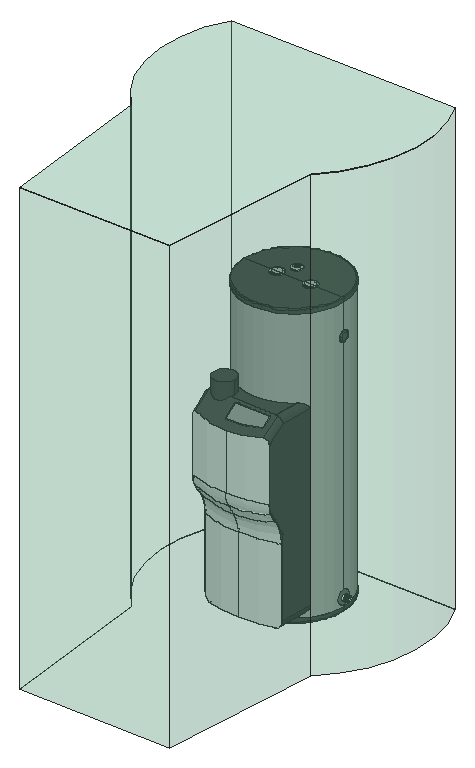
Revit family "Innovo FR_IR 32 245 FR NAT", category Mechanical Equipment, Revit 2015
Parameters (values of type "IR-32-245 FR NAT")
  largeur d'emballage = 786 mm  # constant formula
  l'Intervalle d'Entretien = "12 mois"  # constant formula
  Workspace Radius = Diameter + 170 mm  # 780 mm
  Workspace Height = Hauteur + 1000 mm  # 2745 mm
  Workspace Front Distance = 1000 mm
  Workspace [instance] = yes
  Valve Height 02 = if(and(Hauteur = 1745 mm, Diameter = 675 mm), 1518 mm, if(and(Hauteur = 1745 mm, Diameter = 610 mm), 1534 mm, if(Hauteur = 1545 mm, 1328 mm, 1070 mm)))  # 1534 mm
  Valve Height 01 = if(and(Diameter > 560 mm), 693 mm, 604 mm)  # 693 mm
  Valeur Maximale du Thermostat de Régulation = 85 °C  # constant formula
  Valeur Manimale du Thermostat de Régulation = 40 °C  # constant formula
  Valeur Défaut du Thermostat de Régulation = 65 °C  # constant formula
  URL = "www.aosmith.fr"
  Type d'Installation = "B23/C13/C33/C43/C53/C63"  # constant formula
  Type d'emballage = "Carton et bois"  # constant formula
  Tension d'Alimentation (-15%, +10%) = 230 V  # constant formula
  Température Maximale des Fumées = 57 °C
  Temps de réchauffement à ΔT = 70°C = "49"
  Temps de réchauffement à ΔT = 55°C = "39"
  Temps de réchauffement à ΔT = 50°C = "35"
  Temps de réchauffement à ΔT = 44°C = "31"
  Temps de réchauffement à ΔT = 28°C = "20"
  Spécifications du Produit = ""
  Réglages du thermostat du chauffe-eau = 65 °C  # constant formula
  Réglage Standard Pour = "G31"
  Rendement Saisonnier (Hs) = [Rendement (Hs, acc. NEN-EN 89 - 1999)]  # 97
  Rendement (Hs, acc. NEN-EN 89 - 1999) = 97
  Rendement (Hi, acc. NEN-EN 89 - 1999) = 108
  Raccord Évacuation de la Condensation = 40 mm  # constant formula
  Raccord de la Soupape de Vidange = 1"
  Raccord de Sortie d'Eau Chaude = 1"
  Raccord de Gaz = 15"  # constant formula
  Raccord d'Alimentation en Eau Froide = 3/4"  # constant formula
  Raccord Robinet de Vidange = 3/4"  # constant formula
  Puissance Électrique Absorbée (sommet) = 105 W
  Puissance Électrique Absorbée (nominal) = 51 W
  Profondeur d'emballage = 946 mm  # constant formula
  Profondeur = 780 mm  # constant formula
  Profils de soutirage déclaré = "XXL"
  Production Nominale = "23300.0"
  Pression de Fonctionnement Maximale = 800000.0 Pa  # constant formula
  Pression Différentielle d'Ouverture de l'Interrupteur de Pression < = 210.0 Pa
  Pression Amont de Gaz = "3700 Pa"
  Precaustions during assembling, installation or maintenance = "voir Manuel d'installation, d'emploi er d'entretien"  # constant formula
  Poids à vide = 136 kg
  Poids de Transport = 153 kg
  Phase = 1
  Pertes en Veille - tous les jours (24h) = 0 W
  Pertes en Veille = 0 W
  Nombre de modèle du produit (EAN) = "8717449286224"
  Niveau du Son dB (A) = "<45"  # constant formula
  Niveau de puissance acoustique à l'intérieur = "53 dB"
  NOx-émissions mg/kWh = "33"
  NOx-émissions (ven air, 0% O2) ppm = "20"
  Modèdele = "IR-24-285"
  Model = "IR-24-285 FR LP"
  Marque commerciale = "A.O. Smith"  # constant formula
  Manufacturer = "A.O. Smith Water Products Company b.v."  # constant formula
  Largeur = Diameter  # 610 mm
  La commande intelligente = no
  L'efficacité énergétique pour le chauffage de l'eau (2) = "-"
  L'efficacité énergétique pour le chauffage de l'eau (1) = "91%"
  Hauteur du Raccordement au Gaz = 920 mm
  Hauteur de la Sortie d'eau Chaude = 1745 mm
  Hauteur de l'Alimentation en eau Froide = 170 mm
  Hauteur d'emballage = 1895 mm
  Hauteur Conduit d'Évacuation des Fumées = 1350 mm
  Hauteur Conduit d'Alimentation en Air = 1350 mm
  Hauteur = 1745 mm
  Guide de Produit = ""
  Garantie sur la Cuve = "36 mois"  # constant formula
  Garantie Pièces = "12 mois"  # constant formula
  Fréquence secteur = 50 Hz  # constant formula
  Forctionner qu'en heures creuses = no
  Fabricant No. = "E 7110"  # constant formula
  Epaisseur d'Isolation = 44 mm
  Débit de vidage à ΔT = 70°C après 90 min. = 630.0 L
  Débit de vidage à ΔT = 70°C après 60 min. = 490.0 L
  Débit de vidage à ΔT = 70°C après 30 min. = 340.0 L
  Débit de vidage à ΔT = 70°C après 120 min. = 780.0 L
  Débit de vidage à ΔT = 55°C après 90 min. = 830.0 L
  Débit de vidage à ΔT = 55°C après 60 min. = 650.0 L
  Débit de vidage à ΔT = 55°C après 30 min. = 460.0 L
  Débit de vidage à ΔT = 55°C après 120 min. = 1100.0 L
  Débit de vidage à ΔT = 50°C après 90 min. = 920.0 L
  Débit de vidage à ΔT = 50°C après 60 min. = 720.0 L
  Débit de vidage à ΔT = 50°C après 30 min. = 510.0 L
  Débit de vidage à ΔT = 50°C après 120 min. = 1200.0 L
  Débit de vidage à ΔT = 44°C après 90 min. = 1100.0 L
  Débit de vidage à ΔT = 44°C après 60 min. = 820.0 L
  Débit de vidage à ΔT = 44°C après 30 min. = 590.0 L
  Débit de vidage à ΔT = 44°C après 120 min. = 1300.0 L
  Débit de vidage à ΔT = 28°C après 90 min. = 1700.0 L
  Débit de vidage à ΔT = 28°C après 60 min. = 1400.0 L
  Débit de vidage à ΔT = 28°C après 30 min. = 960.0 L
  Débit de vidage à ΔT = 28°C après 120 min. = 2100.0 L
  Débit de vidage en Continu à ΔT = 70°C = 290.0 L/s
  Débit de vidage en Continu à ΔT = 55°C = 370.0 L/s
  Débit de vidage en Continu à ΔT = 50°C = 410.0 L/s
  Débit de vidage en Continu à ΔT = 44°C = 460.0 L/s
  Débit de vidage en Continu à ΔT = 28°C = 740.0 L/s
  Diamètre Cheminée - Système Parallèle = "2x80"  # constant formula
  Diamètre Cheminée - Système Concentrique = "80/125 mm/mm"  # constant formula
  Diamètre Cheminée - Boiler = "80/125 mm/mm"  # constant formula
  Diameter = 610 mm
  Destination / Country = "France"  # constant formula
  Description = "Préparateur ECS Solaire en Combinaison avec Réservoir de Stockage"  # constant formula
  D'autres profils de soutirage = "-"
  Created By = "http://www.cadcompany.nl/"
  Consommation de Gaz - Volume ltr/hr = "a/p"
  Consommation de Gaz - Masse kg/h = "1.70"
  Class d'efficacité énergétique (2) = "-"
  Class d'efficacité énergétique (1) = "A"  # constant formula
  Charge Nominale (Valeur Supérieure) = "23900.0"
  Charge Nominale (Valeur Inférieure) = "22000.0"
  Charge Maximale au Sol = 438 kg
  Catégorie de Gaz = "II2Esi3P"  # constant formula
  Capacité = 285.0 L
  CO2 Émissions (tol. +/- 1.0) vol% = "10"
  CE-PIN = "0063CQ3037"  # constant formula
  BIM Content Developer = "CAD & Company"  # constant formula
  Assembly Code = "D3010"
  Annual fuel consumption (2) = "-"
  Annual fuel consumption (1) = "21 GJ GCV"
  Annual electricity consumption (2) = "-"
  Annual electricity consumption (1) = "45 kWh"
  2ème Entretien (Entretien Général) = "12 mois après l'installation"  # constant formula
  1er Entretien (check-up) = "3 mois après l'installation"  # constant formula
Reference planes
  plane 1 "Center (Front/Back)": y = 0
  plane 2: z = 0
  plane 3 "Center (Left/Right)": x = 0
  plane 4 "Pipe": through (-383.901, 912.349, 194.799) normal (-0.0879, -0.0879, 0.9923)
  plane 5 "footing": y = 118.925
  plane 6 "footing front": y = -237.85
  plane 7: x = -305
  plane 8: x = 305
  plane 9: z = 1745
Forms (mm)
  Revolve 1, solid, material "RAL 9005", detail levels medium+fine
    sketch origin (0, -237.85, 0) x (-1, 0, 0) y (0, 0, 1)
      loop
        line (0, 28.9) -> (-15, 28.9) -> (-15, 26.4) -> (-8.671, 26.4) -> (-8.671, 18) -> (-5.686, 18) -> (-6.626, 17.06) -> (-6.626, 12.06) -> (-8.671, 12.06) -> (-8.671, 10) -> (-10.031, 10) -> (-23.271, 5.181)
        arc (-23.271, 5.181) -> (-23.763, 4.836) -> (-24.017, 4.293) r 1.159
        line (-24.017, 4.293) -> (-24.017, 1.03)
        arc (-24.017, 1.03) -> (-23.715, 0.302) -> (-22.986, 0) r 1.03
        line (-22.986, 0) -> (0, 0) -> (0, 28.9)
      axis (0, 28.9) -> (0, 0)
    angle from 0 to 360
  Revolve 2, solid, material "RAL 9005", detail levels medium+fine
    sketch origin (0, 118.925, 0) x (-1, 0, 0) y (0, 0, 1)
      loop
        line (-205.984, 28.9) -> (-220.984, 28.9) -> (-220.984, 26.4) -> (-214.655, 26.4) -> (-214.655, 18) -> (-211.67, 18) -> (-212.61, 17.06) -> (-212.61, 12.06) -> (-214.655, 12.06) -> (-214.655, 10) -> (-216.015, 10) -> (-229.256, 5.181)
        arc (-229.256, 5.181) -> (-229.747, 4.836) -> (-230.001, 4.293) r 1.159
        line (-230.001, 4.293) -> (-230.001, 1.03)
        arc (-230.001, 1.03) -> (-229.699, 0.302) -> (-228.971, 0) r 1.03
        line (-228.971, 0) -> (-205.984, 0) -> (-205.984, 28.9)
      axis (-205.984, 28.9) -> (-205.984, 0)
    angle from 0 to 360
  Revolve 3, solid, material "RAL 9005", detail levels medium+fine
    sketch origin (0, 118.925, 0) x (-1, 0, 0) y (0, 0, 1)
      loop
        line (204.016, 28.9) -> (189.016, 28.9) -> (189.016, 26.4) -> (195.345, 26.4) -> (195.345, 18) -> (198.33, 18) -> (197.39, 17.06) -> (197.39, 12.06) -> (195.345, 12.06) -> (195.345, 10) -> (193.985, 10) -> (180.744, 5.181)
        arc (180.744, 5.181) -> (180.253, 4.836) -> (179.999, 4.293) r 1.159
        line (179.999, 4.293) -> (179.999, 1.03)
        arc (179.999, 1.03) -> (180.301, 0.302) -> (181.029, 0) r 1.03
        line (181.029, 0) -> (204.016, 0) -> (204.016, 28.9)
      axis (204.016, 28.9) -> (204.016, 0)
    angle from 0 to 360
Lines and regions (mm)
  symbolic lines
    curve 1: line (0, 280.06, 0) -> (0, -280.06, 0)
    curve 2: line (-280.06, 0, 0) -> (280.06, 0, 0)
  symbolic lines, style "Workspace"
    curve 3: line (681.142, 380.06, 0) -> (-681.142, 380.06, 0)
    curve 4: arc (-681.142, 380.06, 0) -> (-777.325, -64.546, 0) -> (-609.127, -487.2, 0) r 780
    curve 5: line (-609.127, -487.2, 0) -> (-421.783, -1517.825, 0)
    curve 6: line (-421.783, -1517.825, 0) -> (424.03, -1517.825, 0)
    curve 7: line (424.03, -1517.825, 0) -> (611.027, -484.816, 0)
    curve 8: arc (611.027, -484.816, 0) -> (777.449, -63.027, 0) -> (681.142, 380.06, 0) r 780
Dimensions and locks
  plane 5 "footing" to plane 1 "Center (Front/Back)" = 118.925 mm
  plane 1 "Center (Front/Back)" to plane 6 "footing front" = 237.85 mm
  "Diameter": plane 7 to plane 8
  equal spacing: plane 7, plane 3 "Center (Left/Right)", plane 8
  "Hauteur": plane 9 to plane 2
  "Workspace Front Distance": curve 6 to nested 3
  "Workspace Radius": radius of curve 4
  "Workspace Radius": radius of curve 8
  aligned and locked: level to plane 2
  aligned and locked: nested 3 to Revolve 1 sketch curve
  aligned and locked: plane 3 "Center (Left/Right)" to Revolve 1 sketch curve
  aligned and locked: nested 3 to plane 1 "Center (Front/Back)"
  aligned and locked: plane 3 "Center (Left/Right)" to nested 3
  aligned and locked: nested 1 to plane 8
  aligned and locked: nested 5 to plane 8
  aligned and locked: nested 2 to plane 7
  aligned and locked: nested 4 to plane 7
  aligned and locked: nested 7 to plane 7
  aligned and locked: nested 8 to plane 3 "Center (Left/Right)"
  aligned and locked: nested 8 to nested 3
  aligned and locked: curve 3 to nested 8
Automatic sketch dimensions
  Revolve 1 sketch curve to level = 0 mm
  plane 3 "Center (Left/Right)" to Revolve 1 sketch curve = 5.686 mm
  Revolve 1 sketch curve to Revolve 1 sketch curve = 0.94 mm  (x2)
  Revolve 1 sketch curve to Revolve 1 sketch curve = 2.046 mm  (x2)
  Revolve 1 sketch curve to Revolve 1 sketch curve = 1.359 mm
  Revolve 1 sketch curve to Revolve 1 sketch curve = 6.329 mm
  level to Revolve 1 sketch curve = 4.091 mm
  Revolve 1 sketch curve to Revolve 1 sketch curve = 12.844 mm
  level to Revolve 1 sketch curve = 1.03 mm
  Revolve 1 sketch curve to Revolve 1 sketch curve = 0.111 mm
  level to Revolve 1 sketch curve = 5.181 mm
  Revolve 1 sketch curve to Revolve 1 sketch curve = 0.745 mm
  level to Revolve 1 sketch curve = 10 mm
  Revolve 1 sketch curve to Revolve 1 sketch curve = 2.06 mm
  Revolve 1 sketch curve to Revolve 1 sketch curve = 5 mm
  Revolve 1 sketch curve to Revolve 1 sketch curve = 8.4 mm
  Revolve 1 sketch curve to Revolve 1 sketch curve = 2.5 mm
  Revolve 1 sketch curve to level = 19.635 mm
  Revolve 1 sketch curve to Revolve 1 sketch curve = 46.465 mm
  Revolve 2 sketch curve to level = 0 mm
  level to Revolve 2 sketch curve = 1.03 mm
  Revolve 2 sketch curve to plane 8 = 74.999 mm
  level to Revolve 2 sketch curve = 5.181 mm
  Revolve 2 sketch curve to Revolve 2 sketch curve = 0.745 mm
  Revolve 2 sketch curve to Revolve 2 sketch curve = 0.397 mm
  Revolve 2 sketch curve to Revolve 2 sketch curve = 8.271 mm
  Revolve 2 sketch curve to Revolve 2 sketch curve = 13.241 mm
  Revolve 2 sketch curve to Revolve 2 sketch curve = 1.359 mm
  Revolve 2 sketch curve to Revolve 2 sketch curve = 6.329 mm
  Revolve 2 sketch curve to Revolve 2 sketch curve = 2.046 mm
  level to Revolve 2 sketch curve = 18 mm
  Revolve 2 sketch curve to Revolve 2 sketch curve = 0.94 mm  (x2)
  Revolve 2 sketch curve to Revolve 2 sketch curve = 8.671 mm
  Revolve 2 sketch curve to Revolve 2 sketch curve = 1.089 mm
  Revolve 2 sketch curve to Revolve 2 sketch curve = 8 mm
  Revolve 2 sketch curve to Revolve 2 sketch curve = 2.06 mm
  Revolve 2 sketch curve to Revolve 2 sketch curve = 8.4 mm
  Revolve 2 sketch curve to Revolve 2 sketch curve = 2.5 mm
  Revolve 2 sketch curve to Revolve 2 sketch curve = 0 mm
  Revolve 2 sketch curve to level = 19.635 mm
  Revolve 2 sketch curve to Revolve 2 sketch curve = 46.465 mm
  Revolve 3 sketch curve to level = 0 mm
  level to Revolve 3 sketch curve = 1.03 mm
  Revolve 3 sketch curve to plane 7 = 125.001 mm
  level to Revolve 3 sketch curve = 5.181 mm
  Revolve 3 sketch curve to Revolve 3 sketch curve = 0.745 mm
  Revolve 3 sketch curve to Revolve 3 sketch curve = 0.397 mm
  Revolve 3 sketch curve to Revolve 3 sketch curve = 8.271 mm
  Revolve 3 sketch curve to Revolve 3 sketch curve = 13.241 mm
  Revolve 3 sketch curve to Revolve 3 sketch curve = 1.359 mm
  Revolve 3 sketch curve to Revolve 3 sketch curve = 6.329 mm
  Revolve 3 sketch curve to Revolve 3 sketch curve = 2.046 mm
  level to Revolve 3 sketch curve = 18 mm
  Revolve 3 sketch curve to Revolve 3 sketch curve = 0.94 mm  (x2)
  Revolve 3 sketch curve to Revolve 3 sketch curve = 8.671 mm
  Revolve 3 sketch curve to Revolve 3 sketch curve = 1.089 mm
  Revolve 3 sketch curve to Revolve 3 sketch curve = 8 mm
  Revolve 3 sketch curve to Revolve 3 sketch curve = 2.06 mm
  Revolve 3 sketch curve to Revolve 3 sketch curve = 8.4 mm
  Revolve 3 sketch curve to Revolve 3 sketch curve = 2.5 mm
  Revolve 3 sketch curve to Revolve 3 sketch curve = 0 mm
  Revolve 3 sketch curve to level = 19.635 mm
  Revolve 3 sketch curve to Revolve 3 sketch curve = 46.465 mm
  curve 4 to curve 8 = 0 mm  (x2)
  plane 1 "Center (Front/Back)" to curve 2 = 0 mm
  curve 1 to plane 3 "Center (Left/Right)" = 0 mm
  plane 1 "Center (Front/Back)" to curve 4 = 0 mm
  curve 4 to plane 3 "Center (Left/Right)" = 0 mm
  curve 5 to plane 6 "footing front" = 249.35 mm
  plane 7 to curve 5 = 116.783 mm
  plane 8 to curve 7 = 119.03 mm
  curve 7 to plane 6 "footing front" = 246.966 mm
  curve 2 to plane 7 = 24.94 mm
  curve 2 to plane 8 = 24.94 mm
  curve 1 to plane 6 "footing front" = 42.21 mm
  plane 5 "footing" to curve 1 = 161.135 mm
Nested families
  nested 1: "Valve" at (305, -0.38, 1534) x (0, 1, 0) z (0, 0, 1), built-in parameter 1001364 <- "Valve Height 02", type "Valve"
  nested 2: "Drain Valve" at (-305, 0, 1534), built-in parameter 1001364 <- "Valve Height 02", type "Drain Valve"
  nested 3: "Housing Mother Housing S 57 (external)" at (0, -299.886, 0), type "Housing Mother_Housing S_57"
    with radius 305 mm, distance to boiler center 154 mm, diameter 610 mm
  nested 4: "Drain Valve" at (-305, 0, 177), type "Drain Valve"
  nested 5: "Drain Valve" at (305, 0, 107) x (-1, 0, 0) z (0, 0, 1), type "Drain Valve"
  nested 6: "Boiler" at (0, 0, 0), height <- "Hauteur", type "Boiler"
    with height 1745 mm, radius 305 mm, Diameter 610 mm
  nested 7: "Drain Valve" at (-305, 0, 693), built-in parameter 1001364 <- "Valve Height 01", type "Drain Valve"
  nested 8: "Innovo_workspace" at (0, 0, 0), Workspace Distance Front <- "Workspace Front Distance", Workspace <- "Workspace", Workspace Height <- "Workspace Height", Workspace Radius <- "Workspace Radius", type "Workspace"
    with Workspace Radius 780 mm, Workspace Height 2745 mm, Workspace Distance Front 1000 mm, Workspace yes, Center to Front 517.825 mm
Connectors
  piping at (339.826, 0, 107), diameter 19.05, driven by "Raccord Robinet de Vidange"
    settings: on nested 5, index 1, connector inside diameter 24", connector length 0 mm, flow factor 0, pipe flow 0.0 L/s, pressure drop 0.0 Pa, fitting loss kfactor 0, connector angle 0.00°, fixture units 0, engagement length 0 mm, angle of deflection 0.00°, flow configuration 0, flow direction 0, fitting loss method 0, system type 19, joint type 0, gender type 0, connector reference index -1, connector utility 0, adjustable connector no, is connector primary yes, connector description ""
  hvac at (-147.013, -346.326, 1310.674)
    settings: on nested 3, index 2, duct flow 0.0 L/s, flow factor 0, pres drop 0.0 Pa, loss coef 0, conn angle 0.00°, conn width 304.8 mm, conn height 304.8 mm, conn diameter 125 mm, duct sys type 4, conn prof type 0, flow config 0, flow direction 0, loss method 0, conn ref index -1, conn util no, is conn primary yes, conn desc ""
Definition of nested family "Valve"
  Parameters (values of type "Valve")
    Type Comments = "T&P valve (internal)"
    Manufacturer = "A.O. Smith"
  Reference planes
    plane 1 "Center (Front/Back)": y = 0
    plane 2: z = 0
    plane 3 "Center (Left/Right)": x = 0
  Forms (mm)
    Extrusion 1, solid, detail levels fine
      sketch origin (0, 0, 0) x (1, 0, 0) y (0, 0, 1)
        loop
          circle (0, 0) r 31.5
      from -2.271 to 1.4
    Sweep 2, solid, detail levels fine
      path origin (0, -1.4, 0) x (1, 0, 0) y (0, 0, 1)
        loop
          circle (0, 0) r 31.5
      profile origin (0, -1.4, 31.5) x (0, 0, -1) y (0, -1, 0)
        loop
          line (7.3, 0) -> (7.3, 3) -> (0, 0) -> (7.3, 0)
  Dimensions and locks
    aligned and locked: level to plane 2
Definition of nested family "Drain Valve"
  Reference planes
    plane 1 "Center (Front/Back)": y = 0
    plane 2: z = 0
    plane 3 "Center (Left/Right)": x = 0
  Forms (mm)
    Revolve 1, solid, detail levels medium+fine
      sketch origin (0, 0, 0) x (1, 0, 0) y (0, 0, 1)
        loop
          line (-33.442, 15.696) -> (-34.826, 14.329) -> (-34.93, 12.731) -> (-16.555, 12.731) -> (-16.555, 0) -> (15.787, 0) -> (15.787, 18.3) -> (-14.4, 18.3) -> (-17.148, 15.533) -> (-18.729, 16.697) -> (-20.091, 15.333) -> (-21.672, 16.496) -> (-23.034, 15.133) -> (-24.614, 16.296) -> (-25.976, 14.932) -> (-27.557, 16.096) -> (-28.919, 14.732) -> (-30.5, 15.896) -> (-31.862, 14.532) -> (-33.442, 15.696)
        axis (-34.93, 0) -> (15.787, 0)
      angle from 0 to 360
  Dimensions and locks
    aligned and locked: level to plane 2
  Nested families
    nested 1: "Rubber sealing" at (2.592, -0.155, 0) x (0.0023, -1, 0) z (0, 0, 1), type "Rubber sealing", detail levels fine
  Definition of nested family "Rubber sealing"
    Reference planes
      plane 1 "Center (Front/Back)": y = 0
      plane 2: z = 0
      plane 3 "Center (Left/Right)": x = 0
    Forms (mm)
      Extrusion 1, solid, detail levels fine
        sketch origin (141.861, 319.581, 0) x (1, 0, 0) y (0, 1, 0)
          loop
            line (-216.354, -311.898) -> (-216.354, -313.94)
            arc (-216.354, -313.94) -> (-141.602, -321.581) -> (-66.861, -313.835) r 366.966
            line (-66.861, -313.835) -> (-66.861, -311.791)
            arc (-66.861, -311.791) -> (-141.602, -319.581) -> (-216.354, -311.898) r 364.966
        from -80 to 80
      Extrusion 2, void
        sketch origin (141.861, 319.581, 0) x (1, 0, 0) y (0, 0, 1)
          loop
            circle (-141.861, 0) r 13
          loop
            circle (-141.861, 0) r 110
          loop
            circle (-141.861, 0) r 40
        from 311.563 to 332.684
      Extrusion 3, void
        sketch origin (141.861, 319.581, 0) x (1, 0, 0) y (0, 0, 1)
          loop
            circle (-141.861, 0) r 18.25
        from 315.524 to 326.084
    Cuts and joins
      Extrusion 2, Extrusion 3 cuts Extrusion 1
    Dimensions and locks
      aligned and locked: level to plane 2
Definition of nested family "Housing Mother Housing S 57 (external)"
  Parameters (values of type "Housing Mother_Housing S_57")
    radius [instance] = 280 mm
    distance to boiler center = if(diameter = 675 mm, 189 mm, if(diameter = 610 mm, 154 mm, 129 mm))  # 129 mm
    diameter = 560 mm
  Reference planes
    plane 1 "Center (Front/Back)": y = 0
    plane 2: z = 0
    plane 3 "Center (Left/Right)": x = 0
    plane 4 "left": through (-245.286, 145.886, 1200) normal (0.9994, 0.0349, 0)
    plane 5: y = -217.939
    plane 6: y = 145.886
    plane 7: z = 1232.6
    plane 8: z = 65.89
    plane 9 "right": through (245.286, 145.886, 1200) normal (0.9994, -0.0349, 0)
    plane 10 "display": through (0, -90.37, 1221.196) normal (0, -0.5736, 0.8192)
    plane 11 "Potentiostat": z = 867.899
    plane 12 "boiler center": y = 274.886
    plane 13: x = -280
    plane 14: x = 280
  Forms (mm)
    Extrusion 1, solid
      sketch origin (0, 0, 0) x (1, 0, 0) y (0, 1, 0)
        loop
          line (-245.286, 145.886) -> (-232.581, -217.939) -> (232.581, -217.939) -> (245.286, 145.886)
          arc (245.286, 145.886) -> (0, 0.923) -> (-245.286, 145.886) r 280
      from 0 to 1232.6
    Sweep 2, void
      path origin (0, 0, 0) x (0, 1, 0) y (0, 0, 1)
        loop
          line (-217.939, 1232.6) -> (-217.939, 795.555)
          arc (-217.939, 795.555) -> (-212.387, 754.285) -> (-197.694, 715.322) r 183.924
          arc (-197.694, 715.322) -> (-179.915, 684.628) -> (-159.106, 655.901) r 348.284
          arc (-159.106, 655.901) -> (-131.411, 600.328) -> (-121.88, 538.973) r 202.254
          line (-121.88, 538.973) -> (-121.88, 61.106)
      profile origin (0, -217.939, 1014.077) x (1, 0, 0) y (0, 1, 0)
        loop
          arc (0, 0) -> (-117.533, 9.941) -> (-231.728, 39.475) r 699.984
          arc (-231.728, 39.475) -> (-233.391, 40.705) -> (-234.07, 42.659) r 3.505
          line (-234.07, 42.659) -> (-254.062, 42.659) -> (-254.062, -142.593) -> (254.07, -142.593) -> (254.07, 42.659) -> (234.07, 42.659)
          arc (234.07, 42.659) -> (233.391, 40.705) -> (231.728, 39.475) r 3.505
          arc (231.728, 39.475) -> (117.533, 9.941) -> (0, 0) r 699.984
    Extrusion 3, void
      sketch origin (0, 0, 0) x (0, 1, 0) y (0, 0, 1)
        loop
          arc (102.864, 70.869) -> (99.804, 70.709) -> (96.874, 69.813) r 12.57
          arc (96.874, 69.813) -> (87.878, 66.533) -> (78.516, 64.529) r 69.114
          arc (78.516, 64.529) -> (76.41, 64.284) -> (74.294, 64.148) r 41.206
          arc (74.294, 64.148) -> (65.203, 64.335) -> (56.122, 64.782) r 318.661
          arc (56.122, 64.782) -> (30.585, 66.179) -> (5.028, 67.128) r 1456.581
          line (5.028, 67.128) -> (-84.534, 73.135)
          arc (-84.534, 73.135) -> (-86.363, 73.808) -> (-87.536, 75.365) r 3.455
          line (-87.536, 75.365) -> (-264.473, 75.365) -> (-264.473, 0) -> (160.886, 0) -> (160.886, 103.945) -> (145.886, 103.945)
          arc (145.886, 103.945) -> (145.104, 97.827) -> (142.923, 92.059) r 26.364
          arc (142.923, 92.059) -> (141.067, 88.936) -> (138.867, 86.045) r 31.715
          arc (138.867, 86.045) -> (135.576, 82.49) -> (132.021, 79.2) r 62.615
          arc (132.021, 79.2) -> (125.841, 74.697) -> (119.091, 71.103) r 54.444
          arc (119.091, 71.103) -> (116.371, 70.272) -> (113.531, 70.123) r 11.669
          line (113.531, 70.123) -> (102.864, 70.869)
      from -254.062 to 254.07
    Sweep 4, void
      path origin (0, 0, 0) x (1, 0, 0) y (0, 1, 0)
        loop
          line (-245.286, 145.886) -> (-232.581, -217.939)
      profile origin (-238.933, -36.027, 0) x (0.999391, 0.034899, 0) y (0, 0, 1)
        loop
          line (-4.454, 0) -> (47.084, 0) -> (47.084, 73.431)
          arc (47.084, 73.431) -> (14.222, 85.134) -> (0.255, 117.1) r 43.922
          line (0.255, 117.1) -> (-4.454, 117.1) -> (-4.454, 0)
    Sweep 5, void
      path origin (0, 0, 0) x (-1, 0, 0) y (0, 1, 0)
        loop
          line (-245.286, 145.886) -> (-232.581, -217.939)
      profile origin (238.933, -36.027, 0) x (0.999391, -0.034899, 0) y (0, 0, 1)
        loop
          line (4.454, 0) -> (4.454, 117.1) -> (-0.255, 117.1)
          arc (-0.255, 117.1) -> (-14.222, 85.134) -> (-47.084, 73.431) r 43.922
          line (-47.084, 73.431) -> (-47.084, 0) -> (4.454, 0)
    Sweep 6, void
      path origin (-239.899, -8.377, 0) x (-0.034899, 0.999391, 0) y (0, 0, 1)
        loop
          line (-209.69, 1141.272) -> (-79.18, 1232.6) -> (154.358, 1232.6)
      profile origin (-241.211, 29.188, 1232.6) x (0, 0, 1) y (0.999391, 0.034899, 0)
        loop
          line (-45, -30) -> (75, -30) -> (75, 0) -> (75, 55) -> (2.799, 55) -> (-1.253, 35.128)
          arc (-1.253, 35.128) -> (-16.771, 9.564) -> (-45, -0.308) r 44.287
          line (-45, -0.308) -> (-45, -30)
    Sweep 7, void
      path origin (239.899, -8.377, 0) x (0.034899, 0.999391, 0) y (0, 0, 1)
        loop
          line (-209.69, 1141.272) -> (-79.18, 1232.6) -> (154.358, 1232.6)
      profile origin (241.211, 29.188, 1232.6) x (0, 0, -1) y (-0.999391, 0.034899, 0)
        loop
          line (-75, -25) -> (45, -25) -> (45, -0.308)
          arc (45, -0.308) -> (16.771, 9.564) -> (1.253, 35.128) r 44.287
          line (1.253, 35.128) -> (-2.799, 55) -> (-75, 55) -> (-75, -25)
    Extrusion 8, void
      sketch origin (0, 0, 0) x (0, 1, 0) y (0, 0, 1)
        loop
          line (-270, 1336.099) -> (-270, 1099.081) -> (68.497, 1336.099) -> (-270, 1336.099)
      from -425.038 to 444.42
    Extrusion 9, solid, detail levels medium+fine
      sketch origin (0, 0, 0) x (1, 0, 0) y (0, 1, 0)
        loop
          circle (-147.013, -46.44) r 65
      from 1163.174 to 1310.674
    Extrusion 10, void
      sketch origin (0, -603.506, 861.895) x (0, 0.819152, 0.573576) y (-1, 0, 0)
        loop
          arc (618.322, -173) -> (623.272, -170.95) -> (625.322, -166) r 7
          line (625.322, -166) -> (625.322, 35)
          arc (625.322, 35) -> (623.272, 39.95) -> (618.322, 42) r 7
          line (618.322, 42) -> (535.473, 42)
          arc (535.473, 42) -> (530.688, 40.11) -> (528.488, 35.46) r 7
          arc (528.488, 35.46) -> (531.569, -67.592) -> (554.18, -168.18) r 540
          arc (554.18, -168.18) -> (556.724, -171.668) -> (560.831, -173) r 7
          line (560.831, -173) -> (618.322, -173)
      from 0 to 137.286
    Sweep 11, solid, detail levels fine
      path origin (0, 0, 867.899) x (-1, 0, 0) y (0, -1, 0)
        loop
          line (309.749, -35.617) -> (204.371, -35.617)
          arc (204.371, -35.617) -> (196.509, -34.687) -> (189.082, -31.947) r 33.677
          line (189.082, -31.947) -> (-9.574, 69.274)
      profile origin (-257.06, 35.617, 867.899) x (0, 1, 0) y (0, 0, 1)
        loop
          circle (0, 0) r 7.316
        loop
          circle (0, 0) r 6.465
    Revolve 12, void
      sketch origin (0, 274.886, 0) x (-1, 0, 0) y (0, 0, 1)
        loop
          line (280, 1243.838) -> (0, 1243.838) -> (0, 54.9) -> (280, 54.9) -> (280, 1243.838)
        axis (0, 1243.838) -> (0, 54.9)
      angle from 0 to 360
  Cuts and joins
    Sweep 2, Extrusion 3, Sweep 4, Sweep 5, Sweep 6, Sweep 7, Extrusion 8, Extrusion 10, Revolve 12 cuts Extrusion 1
  Dimensions and locks
    plane 8 to plane 2 = 65.89 mm
    plane 7 to plane 8 = 1166.71 mm
    "distance to boiler center": plane 12 "boiler center" to plane 6
    "diameter": plane 14 to plane 13
    equal spacing: plane 14, plane 3 "Center (Left/Right)", plane 13
    "radius": plane 3 "Center (Left/Right)" to plane 13
    aligned and locked: level to plane 2
    aligned and locked: Extrusion 1 to plane 7
    aligned and locked: Extrusion 1 sketch curve to plane 5
    aligned and locked: Sweep 2 to Extrusion 3
    aligned and locked: Extrusion 3 to Sweep 2  (x2)
    aligned and locked: plane 7 to Sweep 2 sketch curve
    aligned and locked: plane 3 "Center (Left/Right)" to Revolve 12 sketch curve
    aligned and locked: Revolve 12 sketch curve to plane 3 "Center (Left/Right)"
    aligned and locked: plane 13 to Revolve 12 sketch curve
  Automatic sketch dimensions
    Extrusion 1 sketch curve to plane 4 "left" = 0 mm  (x2)
    Extrusion 1 sketch curve to plane 6 = 0 mm  (x2)
    Extrusion 1 sketch curve to plane 3 "Center (Left/Right)" = 0 mm
    Extrusion 1 sketch curve to plane 9 "right" = 0 mm
    plane 6 to Extrusion 1 sketch curve = 135.037 mm
    Sweep 2 sketch curve to plane 5 = 0 mm
    plane 5 to Sweep 2 sketch curve = 106.195 mm
    Sweep 2 sketch curve to plane 5 = 96.059 mm
    plane 1 "Center (Front/Back)" to Sweep 2 sketch curve = 34.053 mm
    plane 11 "Potentiostat" to Sweep 2 sketch curve = 6.417 mm
    Sweep 2 sketch curve to plane 6 = 33.705 mm
    Sweep 2 sketch curve to plane 11 "Potentiostat" = 68.615 mm
    Sweep 2 sketch curve to plane 11 "Potentiostat" = 72.345 mm
    Sweep 2 sketch curve to Sweep 2 sketch curve = 176.349 mm
    Sweep 2 sketch curve to Sweep 2 sketch curve = 0 mm  (x2)
    plane 8 to Sweep 2 sketch curve = 4.784 mm
    Extrusion 3 sketch curve to level = 0 mm
    Extrusion 3 sketch curve to plane 6 = 0 mm
    Extrusion 3 sketch curve to plane 6 = 26.363 mm
    Extrusion 3 sketch curve to Extrusion 3 sketch curve = 4.75 mm
    Extrusion 3 sketch curve to Extrusion 3 sketch curve = 5.179 mm
    Extrusion 3 sketch curve to plane 8 = 4.232 mm
    Extrusion 3 sketch curve to Extrusion 3 sketch curve = 0.814 mm
    Extrusion 3 sketch curve to plane 8 = 4.978 mm
    Extrusion 3 sketch curve to Extrusion 3 sketch curve = 10.667 mm
    Extrusion 3 sketch curve to Extrusion 3 sketch curve = 0.877 mm
    Extrusion 3 sketch curve to Extrusion 3 sketch curve = 17.827 mm
    Extrusion 3 sketch curve to Extrusion 3 sketch curve = 5.646 mm
    Extrusion 3 sketch curve to plane 6 = 69.562 mm
    Extrusion 3 sketch curve to Extrusion 3 sketch curve = 18.6 mm
    Extrusion 3 sketch curve to Extrusion 3 sketch curve = 22.538 mm
    Extrusion 3 sketch curve to plane 8 = 1.238 mm
    Extrusion 3 sketch curve to plane 1 "Center (Front/Back)" = 5.028 mm
    plane 1 "Center (Front/Back)" to Extrusion 3 sketch curve = 36.224 mm
    Extrusion 3 sketch curve to plane 8 = 10.692 mm
    plane 1 "Center (Front/Back)" to Extrusion 3 sketch curve = 84.302 mm
    Extrusion 3 sketch curve to plane 8 = 7.244 mm
    Extrusion 3 sketch curve to Extrusion 3 sketch curve = 0.231 mm
    Extrusion 3 sketch curve to Extrusion 3 sketch curve = 3.234 mm
    plane 5 to Extrusion 3 sketch curve = 46.534 mm
    plane 6 to Extrusion 3 sketch curve = 15 mm
    Extrusion 3 sketch curve to level = 1388.869 mm
    plane 8 to Extrusion 3 sketch curve = 7.561 mm
    Extrusion 3 sketch curve to Extrusion 3 sketch curve = 11.64 mm
    Extrusion 3 sketch curve to plane 8 = 38.054 mm
    Extrusion 3 sketch curve to Extrusion 3 sketch curve = 22.442 mm
    Extrusion 3 sketch curve to plane 8 = 39.432 mm
    Extrusion 3 sketch curve to Extrusion 3 sketch curve = 2.466 mm
    Extrusion 3 sketch curve to Extrusion 3 sketch curve = 14.17 mm
    Extrusion 3 sketch curve to Extrusion 3 sketch curve = 5.925 mm
    Extrusion 3 sketch curve to Extrusion 3 sketch curve = 6.186 mm
    Extrusion 3 sketch curve to Extrusion 3 sketch curve = 249.85 mm
    Extrusion 3 sketch curve to Extrusion 3 sketch curve = 0 mm  (x4)
    Extrusion 3 sketch curve to Extrusion 3 sketch curve = 6.845 mm
    plane 8 to Extrusion 3 sketch curve = 1.743 mm
    Sweep 4 sketch curve to plane 4 "left" = 0 mm  (x2)
    Sweep 4 sketch curve to plane 6 = 0 mm
    plane 5 to Sweep 4 sketch curve = 0 mm
    Sweep 4 sketch curve to level = 0 mm
    profile plane to Sweep 4 sketch curve = 4.454 mm
    Sweep 4 sketch curve to profile plane = 0.255 mm
    Sweep 4 sketch curve to Sweep 4 sketch curve = 43.922 mm
    Sweep 4 sketch curve to profile plane = 47.084 mm
    level to Sweep 4 sketch curve = 73.431 mm
    Sweep 4 sketch curve to Sweep 4 sketch curve = 43.669 mm
    Sweep 5 sketch curve to plane 6 = 0 mm
    Sweep 5 sketch curve to plane 9 "right" = 0 mm  (x2)
    plane 5 to Sweep 5 sketch curve = 0 mm
    Sweep 5 sketch curve to level = 0 mm
    profile plane to Sweep 5 sketch curve = 47.084 mm
    Sweep 5 sketch curve to Sweep 5 sketch curve = 2.907 mm
    profile plane to Sweep 5 sketch curve = 0.255 mm
    Sweep 5 sketch curve to profile plane = 4.454 mm
    level to Sweep 5 sketch curve = 73.431 mm
    Sweep 5 sketch curve to Sweep 5 sketch curve = 43.669 mm
    Sweep 6 sketch curve to plane 7 = 0 mm
    plane 7 to Sweep 6 sketch curve = 91.328 mm
    Sweep 6 sketch curve to Sweep 6 sketch curve = 130.509 mm
    Sweep 6 sketch curve to Sweep 6 sketch curve = 233.538 mm
    Sweep 6 sketch curve to plane 4 "left" = 0 mm
    profile plane to Sweep 6 sketch curve = 45 mm
    Sweep 6 sketch curve to Sweep 6 sketch curve = 0.354 mm
    profile plane to Sweep 6 sketch curve = 1.253 mm
    Sweep 6 sketch curve to profile plane = 2.799 mm
    Sweep 6 sketch curve to Sweep 6 sketch curve = 72.201 mm
    Sweep 6 sketch curve to plane 4 "left" = 0.308 mm
    Sweep 6 sketch curve to Sweep 6 sketch curve = 29.692 mm
    plane 4 "left" to Sweep 6 sketch curve = 35.128 mm
    plane 4 "left" to Sweep 6 sketch curve = 55 mm
    Sweep 7 sketch curve to plane 7 = 0 mm
    Sweep 7 sketch curve to plane 7 = 91.328 mm
    Sweep 7 sketch curve to Sweep 7 sketch curve = 130.509 mm
    Sweep 7 sketch curve to Sweep 7 sketch curve = 233.538 mm
    Sweep 7 sketch curve to plane 9 "right" = 25 mm
    profile plane to Sweep 7 sketch curve = 75 mm
    profile plane to Sweep 7 sketch curve = 2.799 mm
    Sweep 7 sketch curve to profile plane = 1.253 mm
    Sweep 7 sketch curve to Sweep 7 sketch curve = 43.393 mm
    Sweep 7 sketch curve to profile plane = 45 mm
    Sweep 7 sketch curve to plane 9 "right" = 0.308 mm
    plane 9 "right" to Sweep 7 sketch curve = 35.128 mm
    Sweep 7 sketch curve to Sweep 7 sketch curve = 19.872 mm
    plane 5 to Extrusion 8 sketch curve = 52.061 mm
    Extrusion 8 sketch curve to plane 1 "Center (Front/Back)" = 68.497 mm
    plane 7 to Extrusion 8 sketch curve = 133.519 mm
    Extrusion 8 sketch curve to plane 7 = 103.499 mm
    plane 1 "Center (Front/Back)" to Extrusion 9 sketch curve = 46.44 mm
    Extrusion 9 sketch curve to plane 3 "Center (Left/Right)" = 147.013 mm
    Extrusion 10 sketch curve to plane 3 "Center (Left/Right)" = 0 mm
    Extrusion 10 sketch curve to plane 3 "Center (Left/Right)" = 35 mm
    Extrusion 10 sketch curve to Extrusion 10 sketch curve = 25.359 mm
    Extrusion 10 sketch curve to Extrusion 10 sketch curve = 57.491 mm
    Extrusion 10 sketch curve to plane 3 "Center (Left/Right)" = 42 mm
    Extrusion 10 sketch curve to Extrusion 10 sketch curve = 82.85 mm
    Extrusion 10 sketch curve to Extrusion 10 sketch curve = 7 mm
    Extrusion 10 sketch curve to Extrusion 10 sketch curve = 442 mm
    plane 3 "Center (Left/Right)" to Extrusion 10 sketch curve = 166 mm
    Extrusion 10 sketch curve to Extrusion 10 sketch curve = 0 mm  (x2)
    Sweep 11 sketch curve to plane 1 "Center (Front/Back)" = 31.947 mm
    Sweep 11 sketch curve to plane 3 "Center (Left/Right)" = 189.082 mm
    Sweep 11 sketch curve to plane 1 "Center (Front/Back)" = 1.94 mm
    Sweep 11 sketch curve to Sweep 11 sketch curve = 15.289 mm
    plane 3 "Center (Left/Right)" to Sweep 11 sketch curve = 9.574 mm
    Sweep 11 sketch curve to Sweep 11 sketch curve = 105.378 mm
    plane 1 "Center (Front/Back)" to Sweep 11 sketch curve = 69.274 mm
    Sweep 11 sketch curve to Sweep 11 sketch curve = 0 mm  (x2)
    Sweep 11 sketch curve to plane 11 "Potentiostat" = 0 mm
    Sweep 11 sketch curve to profile plane = 0 mm
    plane 8 to Revolve 12 sketch curve = 10.99 mm
    Revolve 12 sketch curve to plane 7 = 11.238 mm
    Revolve 12 sketch curve to level = 366.045 mm
    Revolve 12 sketch curve to Revolve 12 sketch curve = 971.917 mm
    Sweep 2 sketch curve to plane 3 "Center (Left/Right)" = 0 mm
    profile plane to Sweep 2 sketch curve = 0 mm
    Sweep 2 sketch curve to plane 3 "Center (Left/Right)" = 0.016 mm
    Sweep 2 sketch curve to profile plane = 42.782 mm  (x2)
    Sweep 2 sketch curve to plane 3 "Center (Left/Right)" = 230.568 mm
    plane 3 "Center (Left/Right)" to Sweep 2 sketch curve = 0.016 mm
    plane 3 "Center (Left/Right)" to Sweep 2 sketch curve = 230.568 mm
    Sweep 2 sketch curve to Sweep 2 sketch curve = 3.502 mm  (x2)
    Sweep 2 sketch curve to Sweep 2 sketch curve = 20 mm
    profile plane to Sweep 2 sketch curve = 142.593 mm
    Sweep 2 sketch curve to Sweep 2 sketch curve = 0.122 mm  (x2)
    Sweep 2 sketch curve to Sweep 2 sketch curve = 657.203 mm
    Sweep 2 sketch curve to Sweep 2 sketch curve = 19.991 mm
    radius of Extrusion 9 sketch curve = 65 mm
    radius of Sweep 11 sketch curve = 7.316 mm
    radius of Sweep 11 sketch curve = 6.465 mm
  Nested families
    nested 1: "display" at (65.5, -130.939, 1192.79) x (-1, 0, 0) z (0, -0.5736, 0.8192), type "display"
  Definition of nested family "display"
    Parameters (values of type "display")
      Default Elevation = 1219.2 mm
    Reference planes
      plane 1 "Center (Front/Back)": y = 0
      plane 2: z = 0
      plane 3 "Center (Left/Right)": x = 0
    Forms (mm)
      Extrusion 1, solid, detail levels medium+fine
        sketch origin (-16.958, 11.842, -343.878) x (1, 0, 0) y (0, 0, -1)
          loop
            line (-233.523, -343.878) -> (-233.523, -346.592) -> (332.686, -346.592) -> (332.686, -343.878) -> (-233.523, -343.878)
        from -228.7 to 150.822
      Extrusion 2, void
        sketch origin (-16.958, 6.842, -343.878) x (1, 0, 0) y (0, 1, 0)
          loop
            line (-233.523, 155.822) -> (-233.523, -223.7) -> (332.686, -223.7) -> (332.686, 155.822) -> (-233.523, 155.822)
          loop
            arc (-90.542, -48.267) -> (-88.492, -53.216) -> (-83.542, -55.267) r 7
            line (-83.542, -55.267) -> (117.458, -55.267)
            arc (117.458, -55.267) -> (122.408, -53.216) -> (124.458, -48.267) r 7
            line (124.458, -48.267) -> (124.458, 34.583)
            arc (124.458, 34.583) -> (122.568, 39.368) -> (117.918, 41.568) r 7
            arc (117.918, 41.568) -> (14.866, 38.487) -> (-85.722, 15.876) r 540
            arc (-85.722, 15.876) -> (-89.21, 13.332) -> (-90.542, 9.224) r 7
            line (-90.542, 9.224) -> (-90.542, -48.267)
        from 328.878 to 363.083
    Cuts and joins
      Extrusion 2 cuts Extrusion 1
    Dimensions and locks
      aligned and locked: level to plane 2
Definition of nested family "Boiler"
  Parameters (values of type "Boiler")
    radius [instance] = 280 mm
    height [instance] = 1270 mm
    Diameter = 560 mm
  Reference planes
    plane 1 "Center (Front/Back)": y = 0
    plane 2: z = 0
    plane 3 "Center (Left/Right)": x = 0
    plane 4: z = 1243.838
    plane 5: z = 1270
    plane 6 "bottom": z = 28.9
    plane 7: z = 54.9
    plane 8 "top controle": y = 88
    plane 9: x = -280
    plane 10: x = 280
  Forms (mm)
    Revolve 1, solid
      sketch origin (0, 0, 0) x (1, 0, 0) y (0, 0, 1)
        loop
          line (0, 54.9) -> (-280, 54.9) -> (-280, 32.9)
          arc (-280, 32.9) -> (-278.828, 30.072) -> (-276, 28.9) r 4
          line (-276, 28.9) -> (0, 28.9) -> (0, 54.9)
        axis (0, 28.9) -> (0, 54.9)
      angle from 0 to 360
    Revolve 2, solid
      sketch origin (1.311, 0, 0) x (1, 0, 0) y (0, 0, 1)
        loop
          line (-278.86, 1243.838) -> (-278.86, 54.9) -> (-1.311, 54.9) -> (-1.311, 1243.838) -> (-278.86, 1243.838)
        axis (-1.311, 1243.838) -> (-1.311, 54.9)
      angle from 0 to 360
    Revolve 3, solid
      sketch origin (-9.205, 0, 377.212) x (-1, 0, 0) y (0, 0, 1)
        loop
          line (-148.904, 892.788) -> (-110.805, 892.788) -> (-110.805, 895.963) -> (-141.883, 895.963) -> (-148.904, 893.62) -> (-148.904, 892.788)
        axis (-110.805, 892.788) -> (-110.805, 895.963)
      angle from 0 to 360
    Revolve 4, solid
      sketch origin (0, 0, 718.065) x (1, 0, 0) y (0, 0, -1)
        loop
          line (0, -525.773) -> (-280, -525.773) -> (-280, -547.935)
          arc (-280, -547.935) -> (-278.828, -550.763) -> (-276, -551.935) r 4
          line (-276, -551.935) -> (0, -551.935) -> (0, -525.773)
        axis (0, -551.935) -> (0, -525.773)
      angle from 0 to 360
    Revolve 5, solid
      sketch origin (0, 88, 0) x (1, 0, 0) y (0, 0, 1)
        loop
          line (-19.051, 1270) -> (-19.051, 1271.074) -> (-32.63, 1275.604) -> (-32.63, 1271.117) -> (-37.266, 1271.117) -> (-38.383, 1270) -> (-19.051, 1270)
        axis (-50.8, 1270) -> (-50.8, 1275.604)
      angle from 0 to 360
    Revolve 6, solid
      sketch origin (-217.12, 0, 372.245) x (-1, 0, 0) y (0, 0, 1)
        loop
          line (-153.622, 897.755) -> (-115.52, 897.755) -> (-115.52, 900.93) -> (-146.626, 900.93) -> (-153.622, 898.596) -> (-153.622, 897.755)
        axis (-115.52, 897.755) -> (-115.52, 900.93)
      angle from 0 to 360
  Dimensions and locks
    "height": plane 5 to plane 2
    plane 6 "bottom" to plane 2 = 28.9 mm
    locked: plane 5 to plane 4 at 26.162
    locked: plane 1 "Center (Front/Back)" to plane 8 "top controle" at 88
    "Diameter": plane 10 to plane 9
    equal spacing: plane 10, plane 3 "Center (Left/Right)", plane 9
    "radius": plane 3 "Center (Left/Right)" to plane 9
    locked: plane 9 to Revolve 2 sketch curve at 2.452
    aligned and locked: level to plane 2
    aligned and locked: Revolve 2 sketch curve to plane 7
    aligned and locked: Revolve 2 sketch curve to plane 4
    aligned and locked: Revolve 1 sketch curve to plane 7
    aligned and locked: plane 6 "bottom" to Revolve 1 sketch curve
    aligned and locked: Revolve 4 sketch curve to plane 3 "Center (Left/Right)"
    aligned and locked: plane 5 to Revolve 4 sketch curve
    aligned and locked: Revolve 4 sketch curve to plane 4
    aligned and locked: plane 9 to Revolve 4 sketch curve
    aligned and locked: Revolve 1 sketch curve to plane 9
    aligned and locked: Revolve 2 sketch curve to plane 3 "Center (Left/Right)"
    aligned and locked: plane 3 "Center (Left/Right)" to Revolve 2 sketch curve
  Automatic sketch dimensions
    Revolve 1 sketch curve to plane 3 "Center (Left/Right)" = 0 mm  (x2)
    Revolve 1 sketch curve to Revolve 1 sketch curve = 4 mm
    Revolve 1 sketch curve to level = 40 mm
    Revolve 1 sketch curve to Revolve 1 sketch curve = 305.1 mm
    Revolve 2 sketch curve to level = 366.045 mm
    Revolve 2 sketch curve to plane 5 = 945.755 mm
    Revolve 3 sketch curve to plane 5 = 0 mm
    Revolve 3 sketch curve to plane 3 "Center (Left/Right)" = 139.699 mm
    plane 5 to Revolve 3 sketch curve = 3.175 mm
    Revolve 3 sketch curve to Revolve 3 sketch curve = 7.022 mm
    Revolve 3 sketch curve to Revolve 3 sketch curve = 31.078 mm
    Revolve 3 sketch curve to Revolve 3 sketch curve = 0.832 mm
    Revolve 3 sketch curve to Revolve 3 sketch curve = 0 mm
    Revolve 3 sketch curve to Revolve 3 sketch curve = 2.338 mm
    Revolve 3 sketch curve to Revolve 3 sketch curve = 4.487 mm
    Revolve 4 sketch curve to plane 3 "Center (Left/Right)" = 0 mm
    Revolve 4 sketch curve to Revolve 4 sketch curve = 4 mm
    Revolve 4 sketch curve to Revolve 4 sketch curve = 68.738 mm
    Revolve 4 sketch curve to Revolve 4 sketch curve = 305.1 mm
    Revolve 6 sketch curve to plane 5 = 0 mm
    plane 3 "Center (Left/Right)" to Revolve 6 sketch curve = 63.497 mm
    plane 5 to Revolve 6 sketch curve = 3.175 mm
    Revolve 6 sketch curve to Revolve 6 sketch curve = 6.997 mm
    Revolve 6 sketch curve to Revolve 6 sketch curve = 31.106 mm
    Revolve 6 sketch curve to Revolve 6 sketch curve = 0.84 mm
    Revolve 6 sketch curve to Revolve 6 sketch curve = 0 mm
    Revolve 6 sketch curve to Revolve 6 sketch curve = 7.216 mm
    Revolve 6 sketch curve to Revolve 6 sketch curve = 0.391 mm
    Revolve 5 sketch curve to Revolve 5 sketch curve = 13.578 mm
    Revolve 5 sketch curve to Revolve 5 sketch curve = 1.074 mm
    Revolve 5 sketch curve to Revolve 5 sketch curve = 12.417 mm
    Revolve 5 sketch curve to Revolve 5 sketch curve = 5.753 mm
    Revolve 5 sketch curve to plane 5 = 1.117 mm
    Revolve 5 sketch curve to Revolve 5 sketch curve = 1.117 mm
    plane 5 to Revolve 5 sketch curve = 4.396 mm
    Revolve 5 sketch curve to plane 5 = 0 mm
    Revolve 5 sketch curve to Revolve 5 sketch curve = 4.487 mm
    Revolve 5 sketch curve to plane 3 "Center (Left/Right)" = 38.383 mm
    Revolve 5 sketch curve to plane 5 = 5.604 mm
Definition of nested family "Innovo_workspace"
  Parameters (values of type "Workspace")
    Workspace Radius [instance] = 730 mm
    Workspace Height [instance] = 2270 mm
    Workspace Distance Front [instance] = 1000 mm
    Workspace [instance] = yes
    URL = "www.aosmith.nl"
    Model = ""
    Manufacturer = "A.O. Smith Water Products Company b.v."  # constant formula
    Description = ""
    Created By = ""
    Center to Front [instance] = 492.825 mm
    BIM Content Developer = "CAD & Company"  # constant formula
    Assembly Code = ""
  Reference planes
    plane 1 "Center (Front/Back)": y = 0
    plane 2: z = 0
    plane 3 "Center (Left/Right)": x = 0
    plane 4 "Pipe": through (-383.901, 912.349, 194.799) normal (-0.0879, -0.0879, 0.9923)
    plane 5 "front": y = -492.825
  Forms (mm)
    Extrusion 1, solid, visible <- "Workspace"
      sketch origin (0, 0, 0) x (1, 0, 0) y (0, 1, 0)
        loop
          line (456.53, -1492.825) -> (500.201, -531.695)
          arc (500.201, -531.695) -> (723.44, -97.643) -> (623.261, 380.06) r 730
          line (623.261, 380.06) -> (-623.261, 380.06)
          arc (-623.261, 380.06) -> (-723.227, -99.209) -> (-497.893, -533.856) r 730
          line (-497.893, -533.856) -> (-454.283, -1492.825) -> (456.53, -1492.825)
      from 0 to 2270 <- "Workspace Height"
  Lines and regions (mm)
    symbolic lines
      curve 1: line (0, 280.06, 0) -> (0, -280.06, 0)
      curve 2: line (-255.06, 0, 0) -> (255.06, 0, 0)
  Dimensions and locks
    locked: Extrusion 1 sketch curve to curve 1 at 100
    "Workspace Distance Front": plane 5 "front" to Extrusion 1
    "Center to Front": plane 1 "Center (Front/Back)" to plane 5 "front"
    "Workspace Radius": radius of Extrusion 1 sketch curve  (x2)
    aligned and locked: level to plane 2
  Automatic sketch dimensions
    plane 1 "Center (Front/Back)" to curve 2 = 0 mm
    curve 1 to plane 3 "Center (Left/Right)" = 0 mm
    plane 3 "Center (Left/Right)" to curve 2 = 255.06 mm
    curve 1 to plane 1 "Center (Front/Back)" = 280.06 mm
    curve 2 to plane 3 "Center (Left/Right)" = 255.06 mm
    plane 5 "front" to curve 1 = 212.765 mm
    Extrusion 1 sketch curve to Extrusion 1 sketch curve = 0 mm  (x2)
    plane 1 "Center (Front/Back)" to Extrusion 1 sketch curve = 0 mm
    Extrusion 1 sketch curve to plane 3 "Center (Left/Right)" = 0 mm
    Extrusion 1 sketch curve to plane 5 "front" = 41.031 mm
    Extrusion 1 sketch curve to plane 3 "Center (Left/Right)" = 454.283 mm
    plane 3 "Center (Left/Right)" to Extrusion 1 sketch curve = 456.53 mm
    Extrusion 1 sketch curve to plane 5 "front" = 38.869 mm
    Extrusion 1 sketch curve to Extrusion 1 sketch curve = 961.131 mm
